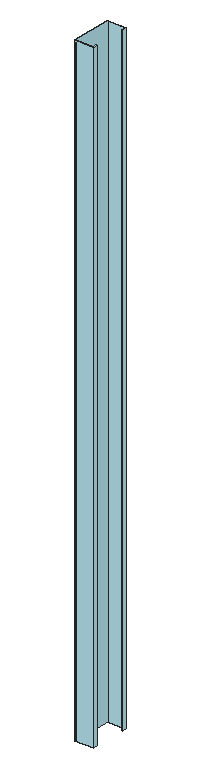
Revit family "65補強材", category 機械設備, Revit 2020
Family settings
  丸型コネクタ寸法 = 直径を使用
  種別 = なし
  パーツ タイプ = 標準
  作業面ベース = いいえ
  常に垂直 = はい
  ロード時にボイドで切り取り = いいえ
  共有 = いいえ
  部屋計算ポイント = いいえ
Parameters
  製造元 = "株式会社桐井製作所"
  既定の高さ = 0 mm
  URL = "https://www.kirii.co.jp/"
  K_長さ(mm) [instance] = 1000 mm
  K_材質 = "SGCC一般用・SGC340~570高強度一般用・SGH340~570高強度一般用"
  K_外形寸法(mm) = "65×30×7"
  K_品名 = "65補強材"
  K_名称 = "補強材"
  K_バージョン情報 = "20210524"
  K_めっき付着量 = "Z08"
  K_JIS規格 = "JIS G 3302"
Reference planes
  plane 1 "中心(正面/背面)": y = 0
  plane 2: z = 0
  plane 3 "中心(左/右)": x = 0
  plane 4: z = 1000
  plane 5: y = 65
Forms (mm)
  Extrusion 1, solid
    sketch origin (0, 0, 0) x (1, 0, 0) y (0, 1, 0)
      loop
        line (0, 0) -> (30, 0) -> (30, 7) -> (28.8, 7) -> (28.8, 1.2) -> (1.2, 1.2) -> (1.2, 63.8) -> (28.8, 63.8) -> (28.8, 58) -> (30, 58) -> (30, 65) -> (0, 65) -> (0, 0)
    from 0 to 1000
Dimensions and locks
  "K_長さ(mm)": plane 4 to plane 2
  aligned and locked: level to plane 2
  aligned and locked: plane 4 to Extrusion 1
Automatic sketch dimensions
  Extrusion 1 sketch curve to plane 3 "中心(左/右)" = 0 mm
  plane 1 "中心(正面/背面)" to Extrusion 1 sketch curve = 0 mm
  plane 3 "中心(左/右)" to Extrusion 1 sketch curve = 1.2 mm
  Extrusion 1 sketch curve to plane 1 "中心(正面/背面)" = 7 mm
  Extrusion 1 sketch curve to Extrusion 1 sketch curve = 27.6 mm  (x2)
  Extrusion 1 sketch curve to Extrusion 1 sketch curve = 1.2 mm  (x3)
  Extrusion 1 sketch curve to plane 1 "中心(正面/背面)" = 1.2 mm
  Extrusion 1 sketch curve to Extrusion 1 sketch curve = 51 mm
  Extrusion 1 sketch curve to Extrusion 1 sketch curve = 5.8 mm
